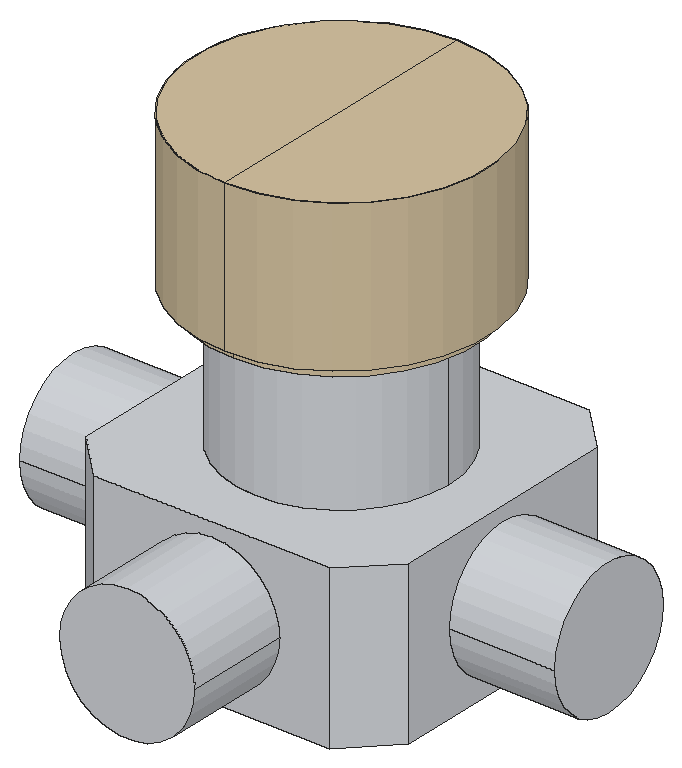
Revit family "Reece_Tap_Milli_Pure_Diverter_Wall Mount_Cirque Texture", category Plumbing Fixtures, host Face, Revit 2018
Family settings
  Host = Face
  Round Connector Dimension = Use Diameter
  Part Type = Normal
  Cut with Voids When Loaded = No
  Shared = Yes
  Room Calculation Point = Yes
Parameters (values of type "PVD Brushed Gold")
  WFU = 0  # constant formula
  URL = "https://www.reece.com.au/product/-9510932"
  Type Comments = "Tap"
  Reece_Tap_Inlet = 12 mm  # constant formula
  Reece_Product_Web Page = "https://www.reece.com.au/product/-9510932"
  Reece_Product_Type = "Tap"  # constant formula
  Reece_Product_Sub Brand = "Pure"  # constant formula
  Reece_Product_Number = "9510932"
  Reece_Product_Mount = "Wall Mounted"
  Reece_Product_Description = "Milli Pure Diverter with Cirque Textured Handle PVD Brushed Gold"
  Reece_Product_Brand = "Milli"  # constant formula
  Reece_Overall_Width = 54 mm  # constant formula
  Reece_Overall_Height = 30 mm  # constant formula
  Reece_Material_Secondary = Reece_PVD_Brushed Gold_Cirque Pattern
  Reece_Material_Main = Reece_PVD_Brushed Gold
  Reece_Detail_Tap_Handle Texture = "Cirque Texture"  # constant formula
  Reece_Detail_Installation = ""
  Reece_Detail_Disclaimer = "THIS FILE IS THE PROPERTY OF THE REECE GROUP. IT MAY NOT BE REPRODUCED, REVERSE-ENGINEERED OR MODIFIED. ANY REPUBLICATION, TRANSMISSION OR DISTRIBUTION FOR THE PURPOSE OF COMMERCIALLY EXPLOITING THE FILES IS PROHIBITED."  # constant formula
  Reece_Detail_Connector = ""
  Reece_Detail_Additional = ""
  Reece_3D Texture = no
  Reece_3D Simplified Geometry = not(Reece_3D Texture)  # yes
  Model = "Pure"
  Manufacturer = "Milli"
  Keynote = "Product #9510932, Reece_Tap_Milli_Pure_Diverter_Wall Mount_Cirque Texture - PVD Brushed Gold"
  HWFU = 0  # constant formula
  Disclaimer = "THIS FILE IS THE PROPERTY OF THE REECE GROUP. IT MAY NOT BE REPRODUCED, REVERSE-ENGINEERED OR MODIFIED. ANY REPUBLICATION, TRANSMISSION OR DISTRIBUTION FOR THE PURPOSE OF COMMERCIALLY EXPLOITING THE FILES IS PROHIBITED."  # constant formula
  Description = "Milli Pure Diverter with Cirque Textured Handle PVD Brushed Gold"
  Default Elevation = 1000 mm
  CWFU = 0  # constant formula
Types (6, lengths in mm): name | URL | Reece_Product_Web Page | Reece_Product_Number | Reece_Product_Description | Reece_Material_Secondary | Reece_Material_Main | Keynote | Description
  Brushed Gunmetal | "https://www.reece.com.au/product/-2263509" | "https://www.reece.com.au/product/-2263509" | "2263509" | "Milli Pure Diverter with Cirque Textured Handle Brushed Gunmetal" | Reece_Brass_Brushed Gunmetal_Cirque Pattern | Reece_Brass_Brushed Gunmetal | "Product #2263509, Reece_Tap_Milli_Pure_Diverter_Wall Mount_Cirque Texture - Brushed Gunmetal" | "Milli Pure Diverter with Cirque Textured Handle Brushed Gunmetal"
  Chrome | "https://www.reece.com.au/product/-2263507" | "https://www.reece.com.au/product/-2263507" | "2263507" | "Milli Pure Diverter with Cirque Textured Handle Chrome" | Reece_Brass_Chrome_Cirque Pattern | Reece_Brass_Chrome | "Product #2263507, Reece_Tap_Milli_Pure_Diverter_Wall Mount_Cirque Texture - Chrome" | "Milli Pure Diverter with Cirque Textured Handle Chrome"
  Matte Black | "https://www.reece.com.au/product/-2263510" | "https://www.reece.com.au/product/-2263510" | "2263510" | "Milli Pure Diverter with Cirque Textured Handle Matte Black" | Reece_Brass_Matte Black_Cirque Pattern | Reece_Brass_Matte Black | "Product #2263510, Reece_Tap_Milli_Pure_Diverter_Wall Mount_Cirque Texture - Matte Black" | "Milli Pure Diverter Matte Black"
  Brushed Nickel | "https://www.reece.com.au/product/-2263508" | "https://www.reece.com.au/product/-2263508" | "2263508" | "Milli Pure Diverter with Cirque Textured Handle Brushed Nickel" | Reece_Brass_Brushed Nickel_Cirque Pattern | Reece_Brass_Brushed Nickel | "Product #2263508, Reece_Tap_Milli_Pure_Diverter_Wall Mount_Cirque Texture - Brushed Nickel" | "Milli Pure Diverter with Cirque Textured Handle Brushed Nickel"
  PVD Brushed Bronze | "https://www.reece.com.au/product/-9511117" | "https://www.reece.com.au/product/-9511117" | "9511117" | "Milli Pure Diverter with Cirque Textured Handle PVD Brushed Bronze" | Reece_PVD_Brushed Bronze_Cirque Pattern | Reece_PVD_Brushed Bronze | "Product #9511117, Reece_Tap_Milli_Pure_Diverter_Wall Mount_Cirque Texture - PVD Brushed Bronze" | "Milli Pure Diverter with Cirque Textured Handle PVD Brushed Bronze"
  PVD Brushed Gold | "https://www.reece.com.au/product/-9510932" | "https://www.reece.com.au/product/-9510932" | "9510932" | "Milli Pure Diverter with Cirque Textured Handle PVD Brushed Gold" | Reece_PVD_Brushed Gold_Cirque Pattern | Reece_PVD_Brushed Gold | "Product #9510932, Reece_Tap_Milli_Pure_Diverter_Wall Mount_Cirque Texture - PVD Brushed Gold" | "Milli Pure Diverter with Cirque Textured Handle PVD Brushed Gold"
Reference planes
  plane 1 "Center (Front/Back)": y = 0
  plane 2 "Bottom": z = 0
  plane 3 "Center (Left/Right)": x = 0
  plane 4 "Top": z = 30
  plane 5: y = -27
  plane 6: y = 27
Forms (mm)
  Extrusion 1, solid
    sketch origin (-50, 0, 0) x (1, 0, 0) y (0, 1, 0)
      loop
        circle (50, 0) r 20
    from 0 to -25
  Extrusion 2, solid
    sketch origin (-50, 0, 0) x (1, 0, 0) y (0, 1, 0)
      loop
        line (28.147, 30) -> (20, 21.853) -> (20, -21.853) -> (28.147, -30) -> (71.853, -30) -> (80, -21.853) -> (80, 21.853) -> (71.853, 30) -> (28.147, 30)
    from -55 to -25
  Extrusion 3, solid
    sketch origin (-16.5, 50, 0) x (0, -1, 0) y (0, 0, 1)
      loop
        circle (50, -40) r 12.5
    from -66.119 to -46.5
  Extrusion 4, void
    sketch origin (50, 0, 0) x (-1, 0, 0) y (0, -1, 0)
      loop
        circle (50, 0) r 25
    from 0 to -30
  Extrusion 5, solid
    sketch origin (16.5, 50, 0) x (0, -1, 0) y (0, 0, -1)
      loop
        circle (50, 40) r 12.5
    from -66.119 to -46.5
  Extrusion 6, solid
    sketch origin (-50, 16.5, 0) x (1, 0, 0) y (0, 0, -1)
      loop
        circle (50, 40) r 12.5
    from -66.119 to -46.5
Cuts and joins
  Extrusion 4 cuts Extrusion 3
  joined: Extrusion 1, Extrusion 2, Extrusion 3, Extrusion 5, Extrusion 6
Text (mm)
  text "Reece Copyright © 2018, Reece Ltd." at (-1146.244, -273.583, 0), in view "Ref. Level"
  text "Reece ©" at (44.384, 258.95, 192.345), in view "Reece Preview"
Dimensions and locks
  "Reece_Overall_Width": plane 6 to plane 5
  "Reece_Overall_Height": plane 4 "Top" to plane 2 "Bottom"
  aligned and locked: plane 2 "Bottom" to host face
  aligned and locked: level to host face
Automatic sketch dimensions
  host sketch curve to host sketch curve = 380.785 mm
  host sketch curve to host sketch curve = 317.421 mm
  Extrusion 1 sketch curve to Extrusion 1 sketch curve = 0 mm  (x2)
  plane 1 "Center (Front/Back)" to Extrusion 1 sketch curve = 0 mm
  Extrusion 1 sketch curve to plane 3 "Center (Left/Right)" = 0 mm
  Extrusion 1 sketch curve to plane 3 "Center (Left/Right)" = 20 mm
  Extrusion 2 sketch curve to plane 5 = 5.147 mm  (x2)
  Extrusion 2 sketch curve to plane 3 "Center (Left/Right)" = 30 mm
  plane 6 to Extrusion 2 sketch curve = 3 mm
  Extrusion 2 sketch curve to Extrusion 2 sketch curve = 8.147 mm  (x3)
  plane 5 to Extrusion 2 sketch curve = 3 mm
  plane 3 "Center (Left/Right)" to Extrusion 2 sketch curve = 21.853 mm  (x2)
  Extrusion 2 sketch curve to plane 6 = 5.147 mm  (x2)
  Extrusion 3 sketch curve to plane 1 "Center (Front/Back)" = 0 mm
  Extrusion 3 sketch curve to level = 40 mm
  Extrusion 4 sketch curve to Extrusion 4 sketch curve = 0 mm  (x2)
  plane 1 "Center (Front/Back)" to Extrusion 4 sketch curve = 0 mm
  Extrusion 4 sketch curve to plane 3 "Center (Left/Right)" = 0 mm
  Extrusion 4 sketch curve to Extrusion 4 sketch curve = 25 mm
  Extrusion 5 sketch curve to plane 1 "Center (Front/Back)" = 0 mm
  Extrusion 5 sketch curve to level = 40 mm
  Extrusion 6 sketch curve to plane 3 "Center (Left/Right)" = 0 mm
  Extrusion 6 sketch curve to level = 40 mm
  radius of Extrusion 3 sketch curve = 12.5 mm
  radius of Extrusion 5 sketch curve = 12.5 mm
  radius of Extrusion 6 sketch curve = 12.5 mm
Nested families
  nested 1: "Reece_Tap_Milli_Pure_Diverter_Cirque Texture_Cap" at (0, 0, 0), visible <- "Reece_3D Texture", Reece_Material_Main <- "Reece_Material_Main", Reece_Material_Secondary <- "Reece_Material_Secondary", type "54mm x 30mm"
    with Reece_Material_Secondary Reece_PVD_Brushed Gold_Cirque Pattern, Reece_Material_Main Reece_PVD_Brushed Gold
  nested 2: "Reece_Tap_Milli_Pure_Diverter_Texture_Main_Nested" at (0, 0, 0), visible <- "Reece_3D Simplified Geometry", Reece_Material_Main <- "Reece_Material_Main", Reece_Material_Secondary <- "Reece_Material_Secondary", type "54mm x 30mm"
    with Reece_Material_Secondary Reece_PVD_Brushed Gold_Cirque Pattern, Reece_Material_Main Reece_PVD_Brushed Gold
Connectors
  piping at (49.619, 0, -40), diameter 12, driven by "Reece_Tap_Inlet"
    settings: on cut or joined group of Extrusion 1, Extrusion 2, Extrusion 3, Extrusion 4, Extrusion 5, Extrusion 6, index 2, connector inside diameter 609.6 mm, connector length 0 mm, flow factor 0, pipe flow 0.0 L/s, pressure drop 0.0 Pa, fitting loss kfactor 0, connector angle 0.00°, fixture units 0, engagement length 0 mm, angle of deflection 0.00°, flow configuration 0, flow direction 2, fitting loss method 0, system type 29, joint type 0, gender type 0, connector reference index -1, connector utility 0, adjustable connector no, is connector primary yes, connector description ""
  piping at (-49.619, 0, -40), diameter 12, driven by "Reece_Tap_Inlet"
    settings: on Extrusion 5, index 3, connector inside diameter 609.6 mm, connector length 0 mm, flow factor 0, pipe flow 0.0 L/s, pressure drop 0.0 Pa, fitting loss kfactor 0, connector angle 0.00°, fixture units 0, engagement length 0 mm, angle of deflection 0.00°, flow configuration 0, flow direction 2, fitting loss method 0, system type 29, joint type 0, gender type 0, connector reference index -1, connector utility 0, adjustable connector no, is connector primary no, connector description ""
  piping at (0, -49.619, -40), diameter 12, driven by "Reece_Tap_Inlet"
    settings: on Extrusion 6, index 4, connector inside diameter 609.6 mm, connector length 0 mm, flow factor 0, pipe flow 0.0 L/s, pressure drop 0.0 Pa, fitting loss kfactor 0, connector angle 0.00°, fixture units 0, engagement length 0 mm, angle of deflection 0.00°, flow configuration 0, flow direction 1, fitting loss method 0, system type 29, joint type 0, gender type 0, connector reference index -1, connector utility 0, adjustable connector no, is connector primary no, connector description ""
Definition of nested family "Reece_Tap_Milli_Pure_Diverter_Cirque Texture_Cap"
  Parameters (values of type "60mm x 28mm")
    WFU = 0  # constant formula
    Reece_Overall_Length = 60 mm
    Reece_Overall_Height = 28 mm
    Reece_Material_Secondary [instance] = none
    Reece_Material_Main [instance] = none
    Reece_Detail_Installation = ""
    Reece_Detail_Connector = ""
    Reece_Detail_Additional = ""
    HWFU = 0  # constant formula
    Default Elevation = 1000 mm
    CWFU = 0  # constant formula
  Types (4, lengths in mm): name | Reece_Overall_Length | Reece_Overall_Height
    (no name) | 60 | 28
    54mm x 30mm | 54 | 30
    62mm x 30mm | 62 | 30
    60mm x 28mm | 60 | 28
  Reference planes
    plane 1 "Center (Front/Back)": y = 0
    plane 2 "Bottom": z = 0
    plane 3 "Center (Left/Right)": x = 0
    plane 4: y = -30
    plane 5: y = 30
    plane 6: z = 28
    plane 7: y = 28
    plane 8: z = 26.097
  Forms (mm)
    Extrusion 1, solid
      sketch origin (619.2, -619.2, 0) x (1, 0, 0) y (0, 1, 0)
        loop
          line (-809.2, 779.2) -> (-809.2, 461.779) -> (-428.415, 461.779) -> (-428.415, 779.2) -> (-809.2, 779.2)
      from 0 to -9.564
    Revolve 2, solid, material <- "Reece_Material_Main"
      sketch origin (0, 0, -140.292) x (0, 1, 0) y (0, 0, 1)
        loop
          line (0, 168.292) -> (-30, 168.292) -> (-30, 166.388)
          arc (-30, 166.388) -> (-29.55, 165.938) -> (-30, 165.488) r 0.45
          line (-30, 165.488) -> (-30, 164.322)
          arc (-30, 164.322) -> (-29.55, 163.872) -> (-30, 163.422) r 0.45
          line (-30, 163.422) -> (-30, 162.503)
          arc (-30, 162.503) -> (-29.55, 162.053) -> (-30, 161.603) r 0.45
          line (-30, 161.603) -> (-30, 160.603)
          arc (-30, 160.603) -> (-29.55, 160.153) -> (-30, 159.703) r 0.45
          line (-30, 159.703) -> (-30, 158.703)
          arc (-30, 158.703) -> (-29.55, 158.253) -> (-30, 157.803) r 0.45
          line (-30, 157.803) -> (-30, 156.926)
          arc (-30, 156.926) -> (-29.55, 156.476) -> (-30, 156.026) r 0.45
          line (-30, 156.026) -> (-30, 154.891)
          arc (-30, 154.891) -> (-29.55, 154.441) -> (-30, 153.991) r 0.45
          line (-30, 153.991) -> (-30, 153.011)
          arc (-30, 153.011) -> (-29.55, 152.561) -> (-30, 152.111) r 0.45
          line (-30, 152.111) -> (-30, 151.103)
          arc (-30, 151.103) -> (-29.55, 150.653) -> (-30, 150.203) r 0.45
          line (-30, 150.203) -> (-30, 149.092)
          arc (-30, 149.092) -> (-29.55, 148.642) -> (-30, 148.192) r 0.45
          line (-30, 148.192) -> (-30, 147.192)
          arc (-30, 147.192) -> (-29.55, 146.742) -> (-30, 146.292) r 0.45
          line (-30, 146.292) -> (-30, 142.292) -> (-28, 142.292) -> (-28, 140.292) -> (-26, 140.292) -> (-26, 164.803) -> (0, 164.803) -> (0, 168.292)
        axis (0, 140.292) -> (0, 168.292)
      angle from 0 to 360
  Text (mm)
    text "Reece Copyright © 2018, Reece Ltd." at (-1403.988, -1192.393, 0), in view "Ref. Level"
    text "Reece ©" at (44.384, 258.95, 192.345), in view "Reece Preview"
  Dimensions and locks
    equal spacing: plane 5, plane 1 "Center (Front/Back)", plane 4
    "Reece_Overall_Length": plane 5 to plane 4
    "Reece_Overall_Height": plane 6 to plane 2 "Bottom"
    locked: plane 5 to plane 7 at 2
    locked: plane 8 to plane 6 at 1.903
    aligned and locked: plane 2 "Bottom" to Extrusion 1
    aligned and locked: level to Extrusion 1
    aligned and locked: plane 6 to Revolve 2 sketch curve  (x2)
    aligned and locked: plane 8 to Revolve 2 sketch curve
  Automatic sketch dimensions
    Extrusion 1 sketch curve to Extrusion 1 sketch curve = 380.785 mm
    Extrusion 1 sketch curve to Extrusion 1 sketch curve = 317.421 mm
    Revolve 2 sketch curve to plane 4 = 0 mm
    level to Revolve 2 sketch curve = 0 mm
    Revolve 2 sketch curve to plane 1 "Center (Front/Back)" = 0 mm  (x2)
    level to Revolve 2 sketch curve = 2 mm
    Revolve 2 sketch curve to Revolve 2 sketch curve = 0.45 mm  (x11)
    Revolve 2 sketch curve to Revolve 2 sketch curve = 1 mm  (x3)
    Revolve 2 sketch curve to Revolve 2 sketch curve = 1.111 mm
    Revolve 2 sketch curve to Revolve 2 sketch curve = 1.458 mm
    Revolve 2 sketch curve to Revolve 2 sketch curve = 0.979 mm
    Revolve 2 sketch curve to Revolve 2 sketch curve = 1.135 mm
    Revolve 2 sketch curve to Revolve 2 sketch curve = 0.877 mm
    Revolve 2 sketch curve to Revolve 2 sketch curve = 0.919 mm
    Revolve 2 sketch curve to plane 6 = 3.489 mm
    Revolve 2 sketch curve to Revolve 2 sketch curve = 1.166 mm
    Revolve 2 sketch curve to Revolve 2 sketch curve = 17.996 mm
    Revolve 2 sketch curve to Revolve 2 sketch curve = 3.712 mm
    plane 4 to Revolve 2 sketch curve = 2 mm
    plane 4 to Revolve 2 sketch curve = 4 mm
Definition of nested family "Reece_Tap_Milli_Pure_Diverter_Texture_Main_Nested"
  Parameters (values of type "54mm x 30mm")
    WFU = 0  # constant formula
    Reece_Overall_Width = 54 mm
    Reece_Overall_Height = 30 mm
    Reece_Material_Secondary [instance] = none
    Reece_Material_Main [instance] = none
    Reece_Detail_Installation = ""
    Reece_Detail_Connector = ""
    Reece_Detail_Additional = ""
    HWFU = 0  # constant formula
    Default Elevation = 1000 mm
    CWFU = 0  # constant formula
  Types (3, lengths in mm): name | Reece_Overall_Width | Reece_Overall_Height
    62mm x 30mm | 62 | 30
    60mm x 28mm | 60 | 28
    54mm x 30mm | 54 | 30
  Reference planes
    plane 1 "Center (Front/Back)": y = 0
    plane 2 "Bottom": z = 0
    plane 3 "Center (Left/Right)": x = 0
    plane 4: y = -27
    plane 5: y = 27
    plane 6: z = 30
    plane 7: y = -25
    plane 8: y = 25
    plane 9: z = 16
    plane 10: z = 2
  Forms (mm)
    Extrusion 1, solid
      sketch origin (619.2, -619.2, 0) x (1, 0, 0) y (0, 1, 0)
        loop
          line (-809.2, 779.2) -> (-809.2, 461.779) -> (-428.415, 461.779) -> (-428.415, 779.2) -> (-809.2, 779.2)
      from 0 to -9.564
    Revolve 2, solid, material <- "Reece_Material_Secondary"
      sketch origin (0, 50, 0) x (0, -1, 0) y (0, 0, 1)
        loop
          line (50, 0) -> (75, 0) -> (75, 2) -> (77, 2) -> (77, 30) -> (75, 28) -> (50, 28) -> (50, 0)
        axis (50, 0) -> (50, 30)
      angle from 0 to 360
    Revolve 3, solid, material <- "Reece_Material_Main"
      sketch origin (0, 50, 0) x (0, -1, 0) y (0, 0, 1)
        loop
          line (77, 30) -> (50, 30) -> (50, 28) -> (75, 28) -> (77, 30)
        axis (50, 28) -> (50, 30)
      angle from 0 to 360
  Text (mm)
    text "Reece Copyright © 2018, Reece Ltd." at (-1403.988, -1192.393, 0), in view "Ref. Level"
    text "Reece ©" at (44.384, 258.95, 192.345), in view "Reece Preview"
  Dimensions and locks
    equal spacing: plane 5, plane 1 "Center (Front/Back)", plane 4
    "Reece_Overall_Width": plane 5 to plane 4
    "Reece_Overall_Height": plane 6 to plane 2 "Bottom"
    locked: plane 7 to plane 4 at 2
    locked: plane 5 to plane 8 at 2
    equal spacing: plane 6, plane 9, plane 10
    locked: plane 10 to plane 2 "Bottom" at 2
    aligned and locked: plane 2 "Bottom" to Extrusion 1
    aligned and locked: level to Extrusion 1
    aligned and locked: plane 7 to Revolve 2 sketch curve
  Automatic sketch dimensions
    Extrusion 1 sketch curve to Extrusion 1 sketch curve = 380.785 mm
    Extrusion 1 sketch curve to Extrusion 1 sketch curve = 317.421 mm
    Revolve 2 sketch curve to plane 1 "Center (Front/Back)" = 0 mm  (x2)
    Revolve 2 sketch curve to level = 0 mm
    Revolve 2 sketch curve to plane 7 = 0 mm
    Revolve 2 sketch curve to plane 4 = 0 mm
    Revolve 2 sketch curve to plane 6 = 0 mm  (x2)
    level to Revolve 2 sketch curve = 2 mm
    Revolve 2 sketch curve to plane 6 = 2 mm
    Revolve 2 sketch curve to Revolve 2 sketch curve = 10 mm
    Revolve 3 sketch curve to plane 1 "Center (Front/Back)" = 0 mm  (x2)
    Revolve 3 sketch curve to plane 7 = 0 mm
    Revolve 3 sketch curve to plane 4 = 0 mm
    Revolve 3 sketch curve to plane 6 = 0 mm  (x2)
    Revolve 3 sketch curve to plane 6 = 2 mm
    Revolve 3 sketch curve to Revolve 3 sketch curve = 10 mm
